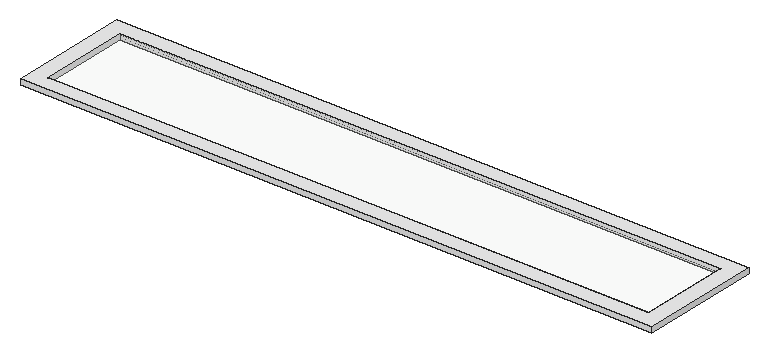
Revit family "Iluminação fluorescente - Retangular", category Luminárias, Revit 2019
Family settings
  Hospedeiro = Forro
  Cota do conector redondo = Utilizar diâmetro
  Tipo de parte = Normal
  Número OmniClass = 23.80.70.11
  Título OmniClass = Luminaries for Internal Lighting
  Sempre na vertical = Sim
  Corte com vazios quando carregada = Não
  Fonte luminosa = Sim
  Compartilhado = Não
  Ponto de cálculo do ambiente = Não
Parameters (values of type "118x618mm-32w")
  Largura = 118.00 mm
  Wattage = 32 W
  built-in parameter 1150110 = 1 (stored number, unit not read)
  built-in parameter 1114217 = 1 (stored number, unit not read)
  built-in parameter 1150109 = 1 (stored number, unit not read)
  built-in parameter 1150134 = 8
  built-in parameter 1150113 = 1 (stored number, unit not read)
  Material de sombra = Vidro, Branco, Alta Luminosidade
  Lumens = 2560 lm
  built-in parameter 1150115 = 1 (stored number, unit not read)
  built-in parameter 1150105 = 814.87 (stored number, unit not read)
  Light Source Symbol Size = Largura - 50.00 mm  # 68.00 mm
  built-in parameter 1150137 = (empty or 0)
  built-in parameter 1150139 = (empty or 0)
  Material da moldura = Metal - Alum
  Comprimento = 618.00 mm
  built-in parameter 1150112 = 1 (stored number, unit not read)
  built-in parameter 1150114 = 1 (stored number, unit not read)
  built-in parameter 1150132 = (empty or 0)
  built-in parameter 1150102 = (empty or 0)
  built-in parameter 1150138 = (empty or 0)
  built-in parameter 1150107 = 4230 (stored number, unit not read)
  built-in parameter 1150106 = 8.1487 (stored number, unit not read)
  Largura da estrutura = 15.00 mm
  Espessura da moldura = 5.00 mm
  Emit from Rectangle Width = Largura - 50.00 mm  # 68.00 mm
  Emitir do comprimento do retângulo = Comprimento - 50.00 mm  # 568.00 mm
  Emit Shape Visible in Rendering = no
  built-in parameter 1150104 = 7.4322 (stored number, unit not read)
  Dimming Lamp Color Temperature Shift = (empty or 0)
  Color Filter = 16777215
  built-in parameter 1114218 = 1 (stored number, unit not read)
  built-in parameter 1150133 = 10 (stored number, unit not read)
Types (2, lengths in mm): name | Material de sombra | Comprimento | Emitir do comprimento do retângulo
  118x618mm-32w | Vidro, Branco, Alta Luminosidade | 618.00 | 568.00
  118x1240mm-32w | Vidro | 1240.00 | 1190.00
Reference planes
  plane 1 "Eixo de origem da luz (F/T)": y = 0
  plane 2 "Forro": z = 2438.4
  plane 3 "Eixo de origem da luz (E/D)": x = 0
  plane 4 "Elevação da origem da luz": z = 2435.9
  plane 5: y = 59
  plane 6: y = -59
  plane 7: x = -309
  plane 8: x = 309
  plane 9: x = -294
  plane 10: x = 294
  plane 11: y = 44
  plane 12: y = -44
  plane 13: z = 2433.4
  plane 14: z = 2435.4
  plane 15: z = 2438.4
Forms (mm)
  Extrusion 1, solid, material "Metal - Alum" <- "Material da moldura"
    sketch origin (0, 0, 2435.9) x (0, -1, 0) y (1, 0, 0)
      loop
        line (-59, -309) -> (59, -309) -> (59, 309) -> (-59, 309) -> (-59, -309)
      loop
        line (-44, -294) -> (44, -294) -> (44, 294) -> (-44, 294) -> (-44, -294)
    from -2.5 to 2.5
  Extrusion 2, solid, material "Vidro, Branco, Alta Luminosidade" <- "Material de sombra"
    sketch origin (0, 0, 2435.9) x (0, -1, 0) y (1, 0, 0)
      loop
        line (-44, -294) -> (44, -294) -> (44, 294) -> (-44, 294) -> (-44, -294)
    from -0.5 to 2.5
Dimensions and locks
  equal spacing: host sketch curve, plane 3 "Eixo de origem da luz (E/D)", host sketch curve
  equal spacing: host sketch curve, plane 1 "Eixo de origem da luz (F/T)", host sketch curve
  host sketch curve to host sketch curve = 3048.00 mm  (x2)
  equal spacing: plane 2 "Forro", plane 4 "Elevação da origem da luz", plane 13
  locked: plane 14 to plane 13 at 2
  locked: plane 15 to plane 14 at 3
  "Espessura da moldura": plane 2 "Forro" to plane 13
  "Largura": plane 5 to plane 6
  equal spacing: plane 5, plane 1 "Eixo de origem da luz (F/T)", plane 6
  "Comprimento": plane 7 to plane 8
  equal spacing: plane 7, plane 3 "Eixo de origem da luz (E/D)", plane 8
  "Largura da estrutura": plane 7 to plane 9
  "Largura da estrutura": plane 10 to plane 8
  "Largura da estrutura": plane 12 to plane 6
  "Largura da estrutura": plane 5 to plane 11
  aligned and locked: Extrusion 1 sketch curve to plane 5
  aligned and locked: plane 7 to Extrusion 1 sketch curve
  aligned and locked: plane 6 to Extrusion 1 sketch curve
  aligned and locked: Extrusion 1 sketch curve to plane 8
  aligned and locked: Extrusion 1 sketch curve to plane 10
  aligned and locked: Extrusion 1 sketch curve to plane 11
  aligned and locked: plane 9 to Extrusion 1 sketch curve
  aligned and locked: plane 12 to Extrusion 1 sketch curve
  aligned and locked: Extrusion 1 to plane 13
  aligned and locked: plane 2 "Forro" to Extrusion 1
  aligned and locked: Extrusion 2 sketch curve to plane 11
  aligned and locked: plane 9 to Extrusion 2 sketch curve
  aligned and locked: plane 12 to Extrusion 2 sketch curve
  aligned and locked: Extrusion 2 sketch curve to plane 10
  aligned and locked: Extrusion 2 to plane 14
  aligned and locked: plane 15 to Extrusion 2
  aligned and locked: imposter light to plane 3 "Eixo de origem da luz (E/D)"
  aligned and locked: plane 1 "Eixo de origem da luz (F/T)" to imposter light
  aligned and locked: imposter light to plane 14
